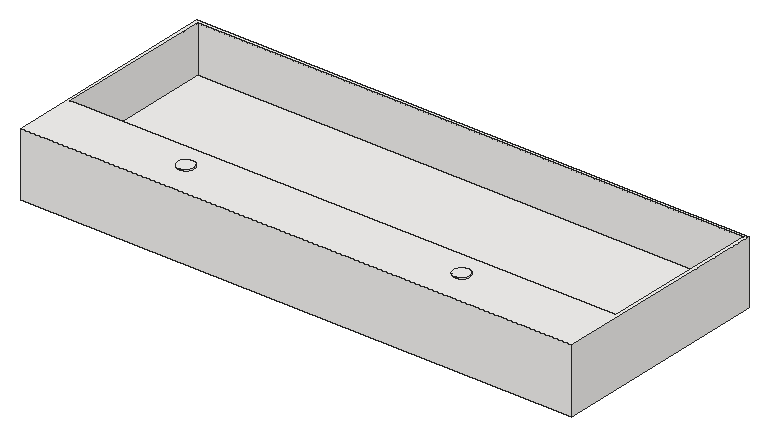
Revit family "Washbasins-hansgrohe-61104XXX-Xevolos E Washbasin 1200_480 with 2 tap holes without overflow, SmartClean", category Plumbing Fixtures, Revit 2019
Family settings
  Round Connector Dimension = Use Diameter
  Part Type = Valve - Breaks Into
  OmniClass Number = 23.31.13.00
  Work Plane-Based = No
  Always vertical = Yes
  Cut with Voids When Loaded = No
  Shared = Yes
  Room Calculation Point = No
Parameters (values of type "61104-61104450-GLOSSY_WHITE-200")
  X2 = 740
  X1 = 280
  WEIGHT = "28"
  UNSPSC = "301815 | Sanitary ware"
  UNIFORMATII = "D2010 | Plumbing Fixtures"
  UNICLASS_2015_CODE = "40_20_96"
  UNICLASS2015 = "Pr_40_20_96 | Wash basins, sinks and troughs"
  TYP = 1
  TAP = 2
  SURFACE = "GLOSSY_WHITE"
  SPECIFICATION = "Surfaces:  - 61104450 White   Specification:  • consists of: washbasin, waste set, cover  • material: ceramic  • SmartClean: dirt-repellent glaze • degree of gloss: glossy  • ceramic cover included • with 2 tap holes • without overflow • without shelf • non-closing waste set • 1200 x 480 mm • type of installation: built on and wall mounted  • suitable for cabinet"
  REGION = "Worldwide"
  PRODUCTURL = "https://pro.hansgrohe.com/articledetail--61104450"
  PRODUCTGROUP = "Washbasins"
  PRODUCTFAMILY = "Xevolos E"
  PERMALINK = "61104XXX"
  OMNICLASS = "23-31 13 00 | Sinks"
  OBJECTTYPE = "Object (single object)"
  NN = "Xevolos Washbasin"
  NBSYN = "$BASENUMBER.-$ARTNR.-$SURFACE.-$LODLEVEL."
  NB = "61104-61104450-GLOSSY_WHITE-200"
  NAME = "Xevolos E Washbasin 1200/480 with 2 tap holes without overflow, SmartClean"
  Model = "61104-61104450-GLOSSY_WHITE-200"
  Manufacturer = "Hansgrohe"
  MIdent = "{$CADENAS_DATA/23d-libs/hansgrohe/xevolos_washbasin/xevolos_washbasin.prj},222 {VTYP=3D},{NB=61104-61104450-GLOSSY_WHITE-200},{LINA=61104-61104450-GLOSSY_WHITE-200},{NN=Xevolos Washbasin},{DATE=13.03.2023 11:34:45},{GEOMDATE=13.03.2023 11:34:00},{VERSION=},{LINEID=850},{WBVAR=LODLEVEL},{WBNUMERIC=}  {NB=61104-61104450-GLOSSY_WHITE-200},{LINA=61104-61104450-GLOSSY_WHITE-200},{KT=DUMMY},{IDNR=13},{ARTNR=61104450},{BASENUMBER=61104},{MODEL=61104XXX},{SURFACE=GLOSSY_WHITE},{LODLEVEL=200},{LODLEVELX='400','400','200','200'},{L=1200.000},{LI=1000.000},{X1=280.000},{X2=740.000},{DO=46.000},{DOT=35.000},{TAP=2},{TYP=1},{NAME=Xevolos E Washbasin 1200/480 with 2 tap holes without overflow, SmartClean},{PERMALINK=61104XXX},{OBJECTTYPE=Object (single object)},{BIMOBJECT=Sanitary: Wash Basins},{PRODUCTFAMILY=Xevolos E},{PRODUCTGROUP=Washbasins},{WEIGHT=28},{DESCRIPTION=Xevolos E Washbasin 1200/480 with 2 tap holes without overflow, SmartClean},{SPECIFICATION=Surfaces:  - 61104450 White   Specification:  • consists of: washbasin, waste set, cover  • material: ceramic  • SmartClean: dirt-repellent glaze • degree of gloss: glossy  • ceramic cover included • with 2 tap holes • without overflow • without shelf • non-closing waste set • 1200 x 480 mm • type of installation: built on and wall mounted  • suitable for cabinet},{PRODUCTURL=https://pro.hansgrohe.com/articledetail--61104450},{GTINCODE=4059625420751},{IFC=Sanitary Terminal},{ETIM=EC011550 | Washbasin},{UNICLASS2015=Pr_40_20_96 | Wash basins, sinks and troughs},{OMNICLASS=23-31 13 00 | Sinks},{MASTERFORMAT=22 41 16.13 | Residential Lavatories},{UNSPSC=301815 | Sanitary ware},{UNIFORMATII=D2010 | Plumbing Fixtures},{REGION=Worldwide},{DESIGN=Germany},{MANUFACTURER=Germany}"
  MASTERFORMAT = "22 41 16.13 | Residential Lavatories"
  LODLEVEL = "200"
  LINA = "61104-61104450-GLOSSY_WHITE-200"
  LI = 1000
  L = 1200
  IFC = "Sanitary Terminal"
  GTINCODE = "4059625420751"
  ETIM = "EC011550 | Washbasin"
  DOT = 35
  DO = 46
  DESIGN = "Germany"
  CNSPipeRound/cp_Befestigungsanschluss_V = no
  CNSPipeRound/cp_Befestigungsanschluss_1_V = no
  CNSPipeRound/cp_Ausgang_1_V = no
  CATALOG = "Hansgrohe"
  BIMOBJECT = "Sanitary: Wash Basins"
  BASENUMBER = "61104"
  ARTNR = "61104450"
  61104-61104450-GLOSSY_WHITE-400_RX0RY0RZ0TX0TY0TZ0_V = no
  61104-61104450-GLOSSY_WHITE-200_RX0RY0RZ0TX0TY0TZ0_V = yes
Types (3, lengths in mm): name | NB | Model | MIdent | LODLEVEL | LINA | 61104-61104450-GLOSSY_WHITE-400_RX0RY0RZ0TX0TY0TZ0_V | 61104-61104450-GLOSSY_WHITE-200_RX0RY0RZ0TX0TY0TZ0_V
  (no name) | "61104-61104450-GLOSSY_WHITE-400" | "61104-61104450-GLOSSY_WHITE-400" | "{$CADENAS_DATA/23d-libs/hansgrohe/xevolos_washbasin/xevolos_washbasin.prj},222 {VTYP=3D},{NB=61104-61104450-GLOSSY_WHITE-400},{LINA=61104-61104450-GLOSSY_WHITE-400},{NN=Xevolos Washbasin},{DATE=13.03.2023 11:34:45},{GEOMDATE=13.03.2023 11:34:00},{VERSION=},{LINEID=850},{WBVAR=LODLEVEL},{WBNUMERIC=}  {NB=61104-61104450-GLOSSY_WHITE-400},{LINA=61104-61104450-GLOSSY_WHITE-400},{KT=DUMMY},{IDNR=13},{ARTNR=61104450},{BASENUMBER=61104},{MODEL=61104XXX},{SURFACE=GLOSSY_WHITE},{LODLEVEL=400},{LODLEVELX='400','400','200','200'},{L=1200.000},{LI=1000.000},{X1=280.000},{X2=740.000},{DO=46.000},{DOT=35.000},{TAP=2},{TYP=1},{NAME=Xevolos E Washbasin 1200/480 with 2 tap holes without overflow, SmartClean},{PERMALINK=61104XXX},{OBJECTTYPE=Object (single object)},{BIMOBJECT=Sanitary: Wash Basins},{PRODUCTFAMILY=Xevolos E},{PRODUCTGROUP=Washbasins},{WEIGHT=28},{DESCRIPTION=Xevolos E Washbasin 1200/480 with 2 tap holes without overflow, SmartClean},{SPECIFICATION=Surfaces:  - 61104450 White   Specification:  • consists of: washbasin, waste set, cover  • material: ceramic  • SmartClean: dirt-repellent glaze • degree of gloss: glossy  • ceramic cover included • with 2 tap holes • without overflow • without shelf • non-closing waste set • 1200 x 480 mm • type of installation: built on and wall mounted  • suitable for cabinet},{PRODUCTURL=https://pro.hansgrohe.com/articledetail--61104450},{GTINCODE=4059625420751},{IFC=Sanitary Terminal},{ETIM=EC011550 | Washbasin},{UNICLASS2015=Pr_40_20_96 | Wash basins, sinks and troughs},{OMNICLASS=23-31 13 00 | Sinks},{MASTERFORMAT=22 41 16.13 | Residential Lavatories},{UNSPSC=301815 | Sanitary ware},{UNIFORMATII=D2010 | Plumbing Fixtures},{REGION=Worldwide},{DESIGN=Germany},{MANUFACTURER=Germany}" | "400" | "61104-61104450-GLOSSY_WHITE-400" | yes | yes
  61104-61104450-GLOSSY_WHITE-200 | "61104-61104450-GLOSSY_WHITE-200" | "61104-61104450-GLOSSY_WHITE-200" | "{$CADENAS_DATA/23d-libs/hansgrohe/xevolos_washbasin/xevolos_washbasin.prj},222 {VTYP=3D},{NB=61104-61104450-GLOSSY_WHITE-200},{LINA=61104-61104450-GLOSSY_WHITE-200},{NN=Xevolos Washbasin},{DATE=13.03.2023 11:34:45},{GEOMDATE=13.03.2023 11:34:00},{VERSION=},{LINEID=850},{WBVAR=LODLEVEL},{WBNUMERIC=}  {NB=61104-61104450-GLOSSY_WHITE-200},{LINA=61104-61104450-GLOSSY_WHITE-200},{KT=DUMMY},{IDNR=13},{ARTNR=61104450},{BASENUMBER=61104},{MODEL=61104XXX},{SURFACE=GLOSSY_WHITE},{LODLEVEL=200},{LODLEVELX='400','400','200','200'},{L=1200.000},{LI=1000.000},{X1=280.000},{X2=740.000},{DO=46.000},{DOT=35.000},{TAP=2},{TYP=1},{NAME=Xevolos E Washbasin 1200/480 with 2 tap holes without overflow, SmartClean},{PERMALINK=61104XXX},{OBJECTTYPE=Object (single object)},{BIMOBJECT=Sanitary: Wash Basins},{PRODUCTFAMILY=Xevolos E},{PRODUCTGROUP=Washbasins},{WEIGHT=28},{DESCRIPTION=Xevolos E Washbasin 1200/480 with 2 tap holes without overflow, SmartClean},{SPECIFICATION=Surfaces:  - 61104450 White   Specification:  • consists of: washbasin, waste set, cover  • material: ceramic  • SmartClean: dirt-repellent glaze • degree of gloss: glossy  • ceramic cover included • with 2 tap holes • without overflow • without shelf • non-closing waste set • 1200 x 480 mm • type of installation: built on and wall mounted  • suitable for cabinet},{PRODUCTURL=https://pro.hansgrohe.com/articledetail--61104450},{GTINCODE=4059625420751},{IFC=Sanitary Terminal},{ETIM=EC011550 | Washbasin},{UNICLASS2015=Pr_40_20_96 | Wash basins, sinks and troughs},{OMNICLASS=23-31 13 00 | Sinks},{MASTERFORMAT=22 41 16.13 | Residential Lavatories},{UNSPSC=301815 | Sanitary ware},{UNIFORMATII=D2010 | Plumbing Fixtures},{REGION=Worldwide},{DESIGN=Germany},{MANUFACTURER=Germany}" | "200" | "61104-61104450-GLOSSY_WHITE-200" | no | yes
  61104-61104450-GLOSSY_WHITE-400 | "61104-61104450-GLOSSY_WHITE-400" | "61104-61104450-GLOSSY_WHITE-400" | "{$CADENAS_DATA/23d-libs/hansgrohe/xevolos_washbasin/xevolos_washbasin.prj},222 {VTYP=3D},{NB=61104-61104450-GLOSSY_WHITE-400},{LINA=61104-61104450-GLOSSY_WHITE-400},{NN=Xevolos Washbasin},{DATE=13.03.2023 11:34:45},{GEOMDATE=13.03.2023 11:34:00},{VERSION=},{LINEID=850},{WBVAR=LODLEVEL},{WBNUMERIC=}  {NB=61104-61104450-GLOSSY_WHITE-400},{LINA=61104-61104450-GLOSSY_WHITE-400},{KT=DUMMY},{IDNR=13},{ARTNR=61104450},{BASENUMBER=61104},{MODEL=61104XXX},{SURFACE=GLOSSY_WHITE},{LODLEVEL=400},{LODLEVELX='400','400','200','200'},{L=1200.000},{LI=1000.000},{X1=280.000},{X2=740.000},{DO=46.000},{DOT=35.000},{TAP=2},{TYP=1},{NAME=Xevolos E Washbasin 1200/480 with 2 tap holes without overflow, SmartClean},{PERMALINK=61104XXX},{OBJECTTYPE=Object (single object)},{BIMOBJECT=Sanitary: Wash Basins},{PRODUCTFAMILY=Xevolos E},{PRODUCTGROUP=Washbasins},{WEIGHT=28},{DESCRIPTION=Xevolos E Washbasin 1200/480 with 2 tap holes without overflow, SmartClean},{SPECIFICATION=Surfaces:  - 61104450 White   Specification:  • consists of: washbasin, waste set, cover  • material: ceramic  • SmartClean: dirt-repellent glaze • degree of gloss: glossy  • ceramic cover included • with 2 tap holes • without overflow • without shelf • non-closing waste set • 1200 x 480 mm • type of installation: built on and wall mounted  • suitable for cabinet},{PRODUCTURL=https://pro.hansgrohe.com/articledetail--61104450},{GTINCODE=4059625420751},{IFC=Sanitary Terminal},{ETIM=EC011550 | Washbasin},{UNICLASS2015=Pr_40_20_96 | Wash basins, sinks and troughs},{OMNICLASS=23-31 13 00 | Sinks},{MASTERFORMAT=22 41 16.13 | Residential Lavatories},{UNSPSC=301815 | Sanitary ware},{UNIFORMATII=D2010 | Plumbing Fixtures},{REGION=Worldwide},{DESIGN=Germany},{MANUFACTURER=Germany}" | "400" | "61104-61104450-GLOSSY_WHITE-400" | yes | no
Reference planes
  plane 1 "Center (Front/Back)": y = 0
  plane 2: z = 0
  plane 3 "Center (Left/Right)": x = 0
Dimensions and locks
  aligned and locked: level to plane 2
Nested families
  nested 1: "61104-61104450-glossy_white-200_content" at (0, 0, 0), visible <- "61104-61104450-GLOSSY_WHITE-200_RX0RY0RZ0TX0TY0TZ0_V", ContentVisible <- "61104-61104450-GLOSSY_WHITE-200_RX0RY0RZ0TX0TY0TZ0_V", type "61104-61104450-GLOSSY_WHITE-200_Content"
    with ContentVisible yes
  nested 2: "61104-61104450-glossy_white-400_content" at (0, 0, 0), visible <- "61104-61104450-GLOSSY_WHITE-400_RX0RY0RZ0TX0TY0TZ0_V", ContentVisible <- "61104-61104450-GLOSSY_WHITE-400_RX0RY0RZ0TX0TY0TZ0_V", type "61104-61104450-GLOSSY_WHITE-400_Content"
    with ContentVisible no
  nested 3: "ConnectorHost2019" at (-300, -220, 0), visible <- "CNSPipeRound/cp_Ausgang_1_V", type "ConnectorHost2019"
    with Visible no, TransZ 0 mm, TransY 220 mm, TransX 300 mm, ScaleZ 1 mm, ScaleY 1 mm, ScaleX 1 mm, RotZ 180.00°, RotY 360.00°, RotX 180.00°
  nested 4: "ConnectorHost2019" at (-301, -220, 0), visible <- "CNSPipeRound/cp_Befestigungsanschluss_V", type "ConnectorHost2019"
    with Visible no, TransZ 147 mm, TransY 0 mm, TransX 1 mm, ScaleZ 1 mm, ScaleY 1 mm, ScaleX 1 mm, RotZ 180.00°, RotY 360.00°, RotX 360.00°
  nested 5: "ConnectorHost2019" at (-302, -220, 0), visible <- "CNSPipeRound/cp_Befestigungsanschluss_1_V", type "ConnectorHost2019"
    with Visible no, TransZ 147 mm, TransY 0 mm, TransX 602 mm, ScaleZ 1 mm, ScaleY 1 mm, ScaleX 1 mm, RotZ 180.00°, RotY 360.00°, RotX 360.00°
Connectors
  piping at (0, 0, 0), diameter 46
    settings: on nested 3, index 1, connector inside diameter 609.6 mm, connector length 0 mm, flow factor 0, pipe flow 0.0 L/s, pressure drop 0.0 Pa, fitting loss kfactor 0, connector angle 0.00°, fixture units 0, engagement length 0 mm, angle of deflection 0.00°, flow configuration 0, flow direction 2, fitting loss method 0, system type 29, joint type 0, gender type 0, connector reference index -1, connector utility 0, adjustable connector no, is connector primary yes, connector description ""
  piping at (-300, -220, 147), diameter 35
    settings: on nested 4, index 2, connector inside diameter 609.6 mm, connector length 0 mm, flow factor 0, pipe flow 0.0 L/s, pressure drop 0.0 Pa, fitting loss kfactor 0, connector angle 0.00°, fixture units 0, engagement length 0 mm, angle of deflection 0.00°, flow configuration 0, flow direction 2, fitting loss method 0, system type 29, joint type 0, gender type 0, connector reference index -1, connector utility 0, adjustable connector no, is connector primary no, connector description ""
  piping at (300, -220, 147), diameter 35
    settings: on nested 5, index 3, connector inside diameter 609.6 mm, connector length 0 mm, flow factor 0, pipe flow 0.0 L/s, pressure drop 0.0 Pa, fitting loss kfactor 0, connector angle 0.00°, fixture units 0, engagement length 0 mm, angle of deflection 0.00°, flow configuration 0, flow direction 2, fitting loss method 0, system type 29, joint type 0, gender type 0, connector reference index -1, connector utility 0, adjustable connector no, is connector primary no, connector description ""
Definition of nested family "61104-61104450-glossy_white-200_content"
  Parameters (values of type "61104-61104450-GLOSSY_WHITE-200_Content")
    X2 = 740
    X1 = 280
    WEIGHT = "28"
    UNSPSC = "301815 | Sanitary ware"
    UNIFORMATII = "D2010 | Plumbing Fixtures"
    UNICLASS_2015_CODE = "40_20_96"
    UNICLASS2015 = "Pr_40_20_96 | Wash basins, sinks and troughs"
    TYP = 1
    TAP = 2
    SURFACE = "GLOSSY_WHITE"
    SPECIFICATION = "Surfaces:  - 61104450 White   Specification:  • consists of: washbasin, waste set, cover  • material: ceramic  • SmartClean: dirt-repellent glaze • degree of gloss: glossy  • ceramic cover included • with 2 tap holes • without overflow • without shelf • non-closing waste set • 1200 x 480 mm • type of installation: built on and wall mounted  • suitable for cabinet"
    REGION = "Worldwide"
    PRODUCTURL = "https://pro.hansgrohe.com/articledetail--61104450"
    PRODUCTGROUP = "Washbasins"
    PRODUCTFAMILY = "Xevolos E"
    PERMALINK = "61104XXX"
    OMNICLASS = "23-31 13 00 | Sinks"
    OBJECTTYPE = "Object (single object)"
    NN = "Xevolos Washbasin"
    NBSYN = "$BASENUMBER.-$ARTNR.-$SURFACE.-$LODLEVEL."
    NB = "61104-61104450-GLOSSY_WHITE-200"
    NAME = "Xevolos E Washbasin 1200/480 with 2 tap holes without overflow, SmartClean"
    Model = "61104-61104450-GLOSSY_WHITE-200"
    Manufacturer = "Hansgrohe"
    MASTERFORMAT = "22 41 16.13 | Residential Lavatories"
    LODLEVEL = "200"
    LINA = "61104-61104450-GLOSSY_WHITE-200"
    LI = 1000
    L = 1200
    IFC = "Sanitary Terminal"
    GTINCODE = "4059625420751"
    ETIM = "EC011550 | Washbasin"
    Default Elevation = 1219.2 mm
    DOT = 35
    DO = 46
    DESIGN = "Germany"
    ContentVisible [instance] = yes
    CATALOG = "Hansgrohe"
    BIMOBJECT = "Sanitary: Wash Basins"
    BASENUMBER = "61104"
    ARTNR = "61104450"
  Reference planes
    plane 1 "Center (Front/Back)": y = 0
    plane 2: z = 0
    plane 3 "Center (Left/Right)": x = 0
  Forms (mm)
    Extrusion 1, solid, visible <- "ContentVisible", detail levels medium+fine
      sketch origin (0, -295, 147) x (-1, 0, 0) y (0, -1, 0)
        loop
          line (-600, -480) -> (600, -480) -> (600, 0) -> (-600, 0) -> (-600, -480)
      from -140 to 0
    Extrusion 2, void, detail levels medium+fine
      sketch origin (0, -295, 147) x (-1, 0, 0) y (0, -1, 0)
        loop
          line (-594, -126) -> (-594, -474) -> (594, -474) -> (594, -126) -> (-594, -126)
      from -102.5 to 0
    Extrusion 3, solid, visible <- "ContentVisible", detail levels medium+fine
      sketch origin (0, -295, 147) x (-1, 0, 0) y (0, -1, 0)
        loop
          circle (300, -75) r 17.5
      from -1.5 to 1.5
    Extrusion 4, solid, visible <- "ContentVisible", detail levels medium+fine
      sketch origin (0, -295, 147) x (-1, 0, 0) y (0, -1, 0)
        loop
          circle (-300, -75) r 17.5
      from -1.5 to 1.5
    Extrusion 5, solid, visible <- "ContentVisible", detail levels medium+fine
      sketch origin (0, -295, 7) x (-1, 0, 0) y (0, -1, 0)
        loop
          circle (0, -295) r 34
      from -10 to 0
    Extrusion 6, solid, visible <- "ContentVisible", detail levels coarse
      sketch origin (0, -55, -3) x (1, 0, 0) y (0, 1, 0)
        loop
          line (-600, -240) -> (600, -240) -> (600, 240) -> (-600, 240) -> (-600, -240)
      from 0 to 151.5
  Cuts and joins
    Extrusion 2 cuts Extrusion 1
  Dimensions and locks
    aligned and locked: level to plane 2
Definition of nested family "61104-61104450-glossy_white-400_content"
  Parameters (values of type "61104-61104450-GLOSSY_WHITE-400_Content")
    X2 = 740
    X1 = 280
    WEIGHT = "28"
    UNSPSC = "301815 | Sanitary ware"
    UNIFORMATII = "D2010 | Plumbing Fixtures"
    UNICLASS_2015_CODE = "40_20_96"
    UNICLASS2015 = "Pr_40_20_96 | Wash basins, sinks and troughs"
    TYP = 1
    TAP = 2
    SURFACE = "GLOSSY_WHITE"
    SPECIFICATION = "Surfaces:  - 61104450 White   Specification:  • consists of: washbasin, waste set, cover  • material: ceramic  • SmartClean: dirt-repellent glaze • degree of gloss: glossy  • ceramic cover included • with 2 tap holes • without overflow • without shelf • non-closing waste set • 1200 x 480 mm • type of installation: built on and wall mounted  • suitable for cabinet"
    REGION = "Worldwide"
    PRODUCTURL = "https://pro.hansgrohe.com/articledetail--61104450"
    PRODUCTGROUP = "Washbasins"
    PRODUCTFAMILY = "Xevolos E"
    PERMALINK = "61104XXX"
    OMNICLASS = "23-31 13 00 | Sinks"
    OBJECTTYPE = "Object (single object)"
    NN = "Xevolos Washbasin"
    NBSYN = "$BASENUMBER.-$ARTNR.-$SURFACE.-$LODLEVEL."
    NB = "61104-61104450-GLOSSY_WHITE-400"
    NAME = "Xevolos E Washbasin 1200/480 with 2 tap holes without overflow, SmartClean"
    Model = "61104-61104450-GLOSSY_WHITE-400"
    Manufacturer = "Hansgrohe"
    MASTERFORMAT = "22 41 16.13 | Residential Lavatories"
    LODLEVEL = "400"
    LINA = "61104-61104450-GLOSSY_WHITE-400"
    LI = 1000
    L = 1200
    IFC = "Sanitary Terminal"
    GTINCODE = "4059625420751"
    ETIM = "EC011550 | Washbasin"
    Default Elevation = 1219.2 mm
    DOT = 35
    DO = 46
    DESIGN = "Germany"
    ContentVisible [instance] = yes
    CATALOG = "Hansgrohe"
    BIMOBJECT = "Sanitary: Wash Basins"
    BASENUMBER = "61104"
    ARTNR = "61104450"
  Reference planes
    plane 1 "Center (Front/Back)": y = 0
    plane 2: z = 0
    plane 3 "Center (Left/Right)": x = 0
  Forms (mm)
    Extrusion 1, solid, visible <- "ContentVisible", detail levels medium+fine
      sketch origin (0, -295, 7) x (0, 0, -1) y (0, -1, 0)
        loop
          line (-140, -474) -> (-121, -474) -> (-62.906, -440.46)
          arc (-62.906, -440.46) -> (-37.353, -414.906) -> (-28, -380) r 69.813
          line (-28, -380) -> (-37.5, -380)
          arc (-37.5, -380) -> (-45.58, -410.156) -> (-67.656, -432.232) r 60.313
          line (-67.656, -432.232) -> (-140, -474)
      from -495 to 495
    Revolve 2, solid, visible <- "ContentVisible", detail levels medium+fine
      sketch origin (-495, -295, 7) x (0, 0, -1) y (0, -1, 0)
        loop
          line (-140, -474) -> (-121, -474) -> (-62.906, -440.46)
          arc (-62.906, -440.46) -> (-37.353, -414.906) -> (-28, -380) r 69.813
          line (-28, -380) -> (-37.5, -380)
          arc (-37.5, -380) -> (-45.58, -410.156) -> (-67.656, -432.232) r 60.313
          line (-67.656, -432.232) -> (-140, -474)
        axis (-140, -375) -> (-28, -375)
      angle from -90 to 0
    Extrusion 3, solid, visible <- "ContentVisible", detail levels medium+fine
      sketch origin (0, -70, 7) x (-1, 0, 0) y (0, 0, -1)
        loop
          line (500, -28) -> (500, -37.5)
          arc (500, -37.5) -> (530.156, -45.58) -> (552.232, -67.656) r 60.313
          line (552.232, -67.656) -> (594, -140) -> (594, -121) -> (560.46, -62.906)
          arc (560.46, -62.906) -> (534.906, -37.353) -> (500, -28) r 69.813
      from -150 to 0
    Revolve 4, solid, visible <- "ContentVisible", detail levels medium+fine
      sketch origin (-495, -295, 7) x (0, 0, -1) y (0, -1, 0)
        loop
          line (-140, -126) -> (-67.656, -167.768)
          arc (-67.656, -167.768) -> (-45.58, -189.844) -> (-37.5, -220) r 60.313
          line (-37.5, -220) -> (-28, -220)
          arc (-28, -220) -> (-37.353, -185.094) -> (-62.906, -159.54) r 69.813
          line (-62.906, -159.54) -> (-121, -126) -> (-140, -126)
        axis (-28, -225) -> (-140, -225)
      angle from -90 to 0
    Extrusion 5, solid, visible <- "ContentVisible", detail levels medium+fine
      sketch origin (0, -295, 7) x (0, 0, -1) y (0, -1, 0)
        loop
          line (-140, -126) -> (-67.656, -167.768)
          arc (-67.656, -167.768) -> (-45.58, -189.844) -> (-37.5, -220) r 60.313
          line (-37.5, -220) -> (-28, -220)
          arc (-28, -220) -> (-37.353, -185.094) -> (-62.906, -159.54) r 69.813
          line (-62.906, -159.54) -> (-121, -126) -> (-140, -126)
      from -495 to 495
    Revolve 6, solid, visible <- "ContentVisible", detail levels medium+fine
      sketch origin (495, -295, 7) x (0, 0, -1) y (0, -1, 0)
        loop
          line (-140, -126) -> (-67.656, -167.768)
          arc (-67.656, -167.768) -> (-45.58, -189.844) -> (-37.5, -220) r 60.313
          line (-37.5, -220) -> (-28, -220)
          arc (-28, -220) -> (-37.353, -185.094) -> (-62.906, -159.54) r 69.813
          line (-62.906, -159.54) -> (-121, -126) -> (-140, -126)
        axis (-28, -225) -> (-140, -225)
      angle from 0 to 90
    Extrusion 7, solid, visible <- "ContentVisible", detail levels medium+fine
      sketch origin (0, -70, 7) x (-1, 0, 0) y (0, 0, -1)
        loop
          line (-594, -121) -> (-594, -140) -> (-552.232, -67.656)
          arc (-552.232, -67.656) -> (-530.156, -45.58) -> (-500, -37.5) r 60.313
          line (-500, -37.5) -> (-500, -28)
          arc (-500, -28) -> (-534.906, -37.353) -> (-560.46, -62.906) r 69.813
          line (-560.46, -62.906) -> (-594, -121)
      from -150 to 0
    Revolve 8, solid, visible <- "ContentVisible", detail levels medium+fine
      sketch origin (495, -295, 7) x (0, 0, -1) y (0, -1, 0)
        loop
          line (-140, -474) -> (-121, -474) -> (-62.906, -440.46)
          arc (-62.906, -440.46) -> (-37.353, -414.906) -> (-28, -380) r 69.813
          line (-28, -380) -> (-37.5, -380)
          arc (-37.5, -380) -> (-45.58, -410.156) -> (-67.656, -432.232) r 60.313
          line (-67.656, -432.232) -> (-140, -474)
        axis (-140, -375) -> (-28, -375)
      angle from 0 to 90
    Extrusion 9, solid, visible <- "ContentVisible", detail levels medium+fine
      sketch origin (0, -295, 35) x (-1, 0, 0) y (0, -1, 0)
        loop
          line (-500, -225) -> (-500, -375)
          arc (-500, -375) -> (-498.536, -378.536) -> (-495, -380) r 5
          line (-495, -380) -> (495, -380)
          arc (495, -380) -> (498.536, -378.536) -> (500, -375) r 5
          line (500, -375) -> (500, -225)
          arc (500, -225) -> (498.536, -221.464) -> (495, -220) r 5
          line (495, -220) -> (-495, -220)
          arc (-495, -220) -> (-498.536, -221.464) -> (-500, -225) r 5
        loop
          line (-60, -252.5) -> (-60, -337.5) -> (60, -337.5) -> (60, -252.5) -> (-60, -252.5)
      from 0 to 9.5
    Extrusion 10, solid, visible <- "ContentVisible", detail levels medium+fine
      sketch origin (0, -295, 147) x (-1, 0, 0) y (0, -1, 0)
        loop
          line (-600, -480) -> (600, -480) -> (600, 0) -> (-600, 0) -> (-600, -480)
        loop
          line (-594, -226) -> (-594, -374)
          arc (-594, -374) -> (-564.711, -444.711) -> (-494, -474) r 100
          line (-494, -474) -> (494, -474)
          arc (494, -474) -> (564.711, -444.711) -> (594, -374) r 100
          line (594, -374) -> (594, -226)
          arc (594, -226) -> (564.711, -155.289) -> (494, -126) r 100
          line (494, -126) -> (-494, -126)
          arc (-494, -126) -> (-564.711, -155.289) -> (-594, -226) r 100
      from -13 to 0
    Extrusion 11, solid, visible <- "ContentVisible", detail levels medium+fine
      sketch origin (0, -295, 134) x (-1, 0, 0) y (0, -1, 0)
        loop
          line (-600, -480) -> (600, -480) -> (600, 0) -> (590, 0) -> (590, -470) -> (-590, -470) -> (-590, 0) -> (-600, 0) -> (-600, -480)
      from -127 to 0
    Extrusion 12, solid, visible <- "ContentVisible", detail levels medium+fine
      sketch origin (0, -295, 17) x (-1, 0, 0) y (0, -1, 0)
        loop
          line (-590, -35) -> (-590, -470) -> (590, -470) -> (590, -35) -> (550, -35) -> (550, -380)
          arc (550, -380) -> (535.355, -415.355) -> (500, -430) r 50
          line (500, -430) -> (-500, -430)
          arc (-500, -430) -> (-535.355, -415.355) -> (-550, -380) r 50
          line (-550, -380) -> (-550, -35) -> (-590, -35)
      from 0 to 50
    Extrusion 13, solid, visible <- "ContentVisible", detail levels medium+fine
      sketch origin (0, -295, 7) x (-1, 0, 0) y (0, 0, -1)
        loop
          line (-590, -10) -> (-590, -127) -> (590, -127) -> (590, -10) -> (278.554, -10)
          arc (278.554, -10) -> (272.818, -8.192) -> (269.157, -3.42) r 10
          line (269.157, -3.42) -> (267.395, 1.42)
          arc (267.395, 1.42) -> (263.734, 6.192) -> (257.998, 8) r 10
          line (257.998, 8) -> (65, 8) -> (59.299, -4.226)
          arc (59.299, -4.226) -> (55.609, -8.434) -> (50.236, -10) r 10
          line (50.236, -10) -> (-50.236, -10)
          arc (-50.236, -10) -> (-55.609, -8.434) -> (-59.299, -4.226) r 10
          line (-59.299, -4.226) -> (-65, 8) -> (-257.998, 8)
          arc (-257.998, 8) -> (-263.734, 6.192) -> (-267.395, 1.42) r 10
          line (-267.395, 1.42) -> (-269.157, -3.42)
          arc (-269.157, -3.42) -> (-272.818, -8.192) -> (-278.554, -10) r 10
          line (-278.554, -10) -> (-590, -10)
      from -35 to 0
    Extrusion 14, solid, visible <- "ContentVisible", detail levels medium+fine
      sketch origin (-500, -295, 7) x (0, 0, -1) y (0, -1, 0)
        loop
          line (-127, -35) -> (-127, -127.732) -> (-65.156, -163.437)
          arc (-65.156, -163.437) -> (-41.25, -187.344) -> (-32.5, -220) r 65.313
          line (-32.5, -220) -> (-32.5, -380)
          arc (-32.5, -380) -> (-39.303, -409.023) -> (-58.294, -432) r 65.313
          line (-58.294, -432) -> (-30.544, -432) -> (-10, -40) -> (-10, -35) -> (-127, -35)
      from 0 to 60
    Extrusion 15, solid, visible <- "ContentVisible", detail levels medium+fine
      sketch origin (500, -295, 7) x (0, 0, -1) y (0, -1, 0)
        loop
          line (-127, -35) -> (-127, -127.732) -> (-65.156, -163.437)
          arc (-65.156, -163.437) -> (-41.25, -187.344) -> (-32.5, -220) r 65.313
          line (-32.5, -220) -> (-32.5, -380)
          arc (-32.5, -380) -> (-39.303, -409.023) -> (-58.294, -432) r 65.313
          line (-58.294, -432) -> (-30.544, -432) -> (-10, -40) -> (-10, -35) -> (-127, -35)
      from -60 to 0
    Extrusion 16, solid, visible <- "ContentVisible", detail levels medium+fine
      sketch origin (0, -295, 17) x (-1, 0, 0) y (0, -1, 0)
        loop
          line (-72, -261.5) -> (-72, -328.5)
          arc (-72, -328.5) -> (-65.703, -343.703) -> (-50.5, -350) r 21.5
          line (-50.5, -350) -> (50.5, -350)
          arc (50.5, -350) -> (65.703, -343.703) -> (72, -328.5) r 21.5
          line (72, -328.5) -> (72, -261.5)
          arc (72, -261.5) -> (65.703, -246.297) -> (50.5, -240) r 21.5
          line (50.5, -240) -> (-50.5, -240)
          arc (-50.5, -240) -> (-65.703, -246.297) -> (-72, -261.5) r 21.5
      from 0 to 18
    Revolve 17, solid, visible <- "ContentVisible", detail levels medium+fine
      sketch origin (0, 0, 7) x (-1, 0, 0) y (0, 0, -1)
        loop
          line (23, -4.5) -> (42.5, -27.441) -> (42.5, -10) -> (34, 0) -> (34, 7) -> (23, 7) -> (23, -4.5)
        axis (0, -27.441) -> (0, 7)
      angle from -360 to 0
    Extrusion 18, solid, visible <- "ContentVisible", detail levels medium+fine
      sketch origin (0, -295, -3) x (-1, 0, 0) y (0, -1, 0)
        loop
          circle (0, -295) r 7.5
      from 0 to 41
    Extrusion 19, solid, visible <- "ContentVisible", detail levels medium+fine
      sketch origin (0, -295, 38) x (-1, 0, 0) y (0, -1, 0)
        loop
          circle (0, -295) r 32.5
      from 0 to 2
    Extrusion 20, solid, visible <- "ContentVisible", detail levels medium+fine
      sketch origin (0, 0, 7) x (-1, 0, 0) y (0, 0, -1)
        loop
          arc (-54.85, -33) -> (-57.5, -35.65) -> (-54.85, -38.3) r 2.65
          arc (-54.85, -38.3) -> (0, -43.036) -> (54.85, -38.3) r 320
          arc (54.85, -38.3) -> (57.5, -35.65) -> (54.85, -33) r 2.65
          line (54.85, -33) -> (-54.85, -33)
      from -40 to 40
    Extrusion 21, void, detail levels medium+fine
      sketch origin (0, -295, 133) x (-1, 0, 0) y (0, -1, 0)
        loop
          circle (300, -75) r 17.5
      from 0 to 15
    Extrusion 22, void, detail levels medium+fine
      sketch origin (0, -295, 133) x (-1, 0, 0) y (0, -1, 0)
        loop
          circle (-300, -75) r 17.5
      from 0 to 15
    Extrusion 23, void, detail levels medium+fine
      sketch origin (0, -295, 7) x (-1, 0, 0) y (0, 0, -1)
        loop
          circle (140, -83) r 8
      from -30 to 30
    Extrusion 24, void, detail levels medium+fine
      sketch origin (0, -295, 7) x (-1, 0, 0) y (0, 0, -1)
        loop
          circle (-140, -83) r 8
      from -30 to 30
    Extrusion 25, void, detail levels medium+fine
      sketch origin (0, -295, 7) x (-1, 0, 0) y (0, 0, -1)
        loop
          circle (370, -83) r 8
      from -30 to 30
    Extrusion 26, void, detail levels medium+fine
      sketch origin (0, -295, 7) x (-1, 0, 0) y (0, 0, -1)
        loop
          circle (-370, -83) r 8
      from -30 to 30
    Extrusion 27, solid, visible <- "ContentVisible", detail levels coarse
      sketch origin (0, -55, -3) x (1, 0, 0) y (0, 1, 0)
        loop
          line (-600, -240) -> (600, -240) -> (600, 240) -> (-600, 240) -> (-600, -240)
      from 0 to 150
  Cuts and joins
    Extrusion 21, Extrusion 22, Extrusion 23, Extrusion 24, Extrusion 25, Extrusion 26 cuts Extrusion 1
    Extrusion 21, Extrusion 22, Extrusion 23, Extrusion 24, Extrusion 25, Extrusion 26 cuts Revolve 2
    Extrusion 21, Extrusion 22, Extrusion 23, Extrusion 24, Extrusion 25, Extrusion 26 cuts Extrusion 3
    Extrusion 21, Extrusion 22, Extrusion 23, Extrusion 24, Extrusion 25, Extrusion 26 cuts Revolve 4
    Extrusion 21, Extrusion 22, Extrusion 23, Extrusion 24, Extrusion 25, Extrusion 26 cuts Extrusion 5
    Extrusion 21, Extrusion 22, Extrusion 23, Extrusion 24, Extrusion 25, Extrusion 26 cuts Revolve 6
    Extrusion 21, Extrusion 22, Extrusion 23, Extrusion 24, Extrusion 25, Extrusion 26 cuts Extrusion 7
    Extrusion 21, Extrusion 22, Extrusion 23, Extrusion 24, Extrusion 25, Extrusion 26 cuts Revolve 8
    Extrusion 21, Extrusion 22, Extrusion 23, Extrusion 24, Extrusion 25, Extrusion 26 cuts Extrusion 9
    Extrusion 21, Extrusion 22, Extrusion 23, Extrusion 24, Extrusion 25, Extrusion 26 cuts Extrusion 10
    Extrusion 21, Extrusion 22, Extrusion 23, Extrusion 24, Extrusion 25, Extrusion 26 cuts Extrusion 11
    Extrusion 21, Extrusion 22, Extrusion 23, Extrusion 24, Extrusion 25, Extrusion 26 cuts Extrusion 12
    Extrusion 21, Extrusion 22, Extrusion 23, Extrusion 24, Extrusion 25, Extrusion 26 cuts Extrusion 13
    Extrusion 21, Extrusion 22, Extrusion 23, Extrusion 24, Extrusion 25, Extrusion 26 cuts Extrusion 14
    Extrusion 21, Extrusion 22, Extrusion 23, Extrusion 24, Extrusion 25, Extrusion 26 cuts Extrusion 15
    Extrusion 21, Extrusion 22, Extrusion 23, Extrusion 24, Extrusion 25, Extrusion 26 cuts Extrusion 16
    Extrusion 21, Extrusion 22, Extrusion 23, Extrusion 24, Extrusion 25, Extrusion 26 cuts Revolve 17
    Extrusion 21, Extrusion 22, Extrusion 23, Extrusion 24, Extrusion 25, Extrusion 26 cuts Extrusion 18
    Extrusion 21, Extrusion 22, Extrusion 23, Extrusion 24, Extrusion 25, Extrusion 26 cuts Extrusion 19
    Extrusion 21, Extrusion 22, Extrusion 23, Extrusion 24, Extrusion 25, Extrusion 26 cuts Extrusion 20
  Dimensions and locks
    aligned and locked: level to plane 2
